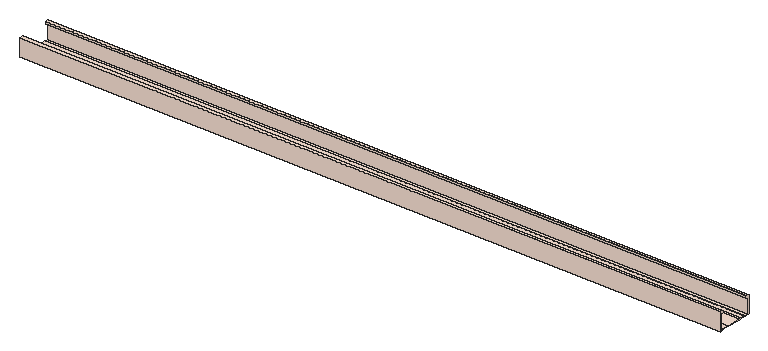
Revit family "nobuchi_cw25", category 機械設備, Revit 2022
Family settings
  丸型コネクタ寸法 = 直径を使用
  種別 = なし
  パーツ タイプ = 標準
  作業面ベース = いいえ
  常に垂直 = はい
  ロード時にボイドで切り取り = いいえ
  注釈の向きを維持 = いいえ
  共有 = いいえ
  部屋計算ポイント = いいえ
Parameters
  製造元 = "株式会社桐井製作所"
  既定の高さ = 0 mm
  URL = "https://www.kirii.co.jp/"
  K_長さ(mm) [instance] = 1000 mm
  K_材質 = "SGCC　一般用"
  K_断面積A(mm2) = 55
  K_断面係数Zy(mm3) = 921.6
  K_断面係数Zx(mm3) = 276.5
  K_断面2次半径iy(mm) = 20.5
  K_断面2次半径ix(mm) = 9.1
  K_断面2次モーメントIy(mm4) = 23040
  K_断面2次モーメントIx(mm4) = 4578
  K_外形寸法(mm) = "25×50×0.5"
  K_品名 = "CW-25"
  K_名称 = "野縁"
  K_単位質量(kg/m) = 0.452
  K_ヤング係数E(N/mm2) = 205000
  K_バージョン情報 = "20210524"
  K_めっき付着量 = "Z12"
  K_JIS規格 = "JIS G 3302"
  K_JIS外 [instance] = not(K_JIS)  # no
  K_JIS [instance] = yes
Reference planes
  plane 1 "中心(正面/背面)": y = 0
  plane 2: z = 0
  plane 3 "中心(左/右)": x = 0
  plane 4: x = 1000
  plane 5: z = 25
  plane 6: y = 25
  plane 7: y = -25
Forms (mm)
  Extrusion 1, solid
    sketch origin (0, 0, 0) x (0, -1, 0) y (0, 0, 1)
      loop
        line (-25, 0) -> (-20.2, 0) -> (-19.052, 0.5) -> (-11.148, 0.5) -> (-10, 0) -> (10, 0) -> (11.148, 0.5) -> (19.052, 0.5) -> (20.2, 0) -> (25, 0) -> (25, 25) -> (21, 25) -> (21, 22.3) -> (21.5, 21.586) -> (21.5, 24.5) -> (24.5, 24.5) -> (24.5, 0.5) -> (20.304, 0.5) -> (19.156, 1) -> (11.044, 1) -> (9.896, 0.5) -> (-9.896, 0.5) -> (-11.044, 1) -> (-19.156, 1) -> (-20.304, 0.5) -> (-24.5, 0.5) -> (-24.5, 24.5) -> (-21.5, 24.5) -> (-21.5, 21.586) -> (-21, 22.3) -> (-21, 25) -> (-25, 25) -> (-25, 0)
    from 0 to -1000
  Extrusion 2, void
    sketch origin (0, 0, 0) x (0, 1, 0) y (0, 0, 1)
      loop
        line (-21.893, 22.336) -> (-21.893, 20.592) -> (22.033, 20.592) -> (22.033, 22.336) -> (-21.893, 22.336)
    from 0 to 1000
Cuts and joins
  Extrusion 2 cuts Extrusion 1
Dimensions and locks
  plane 5 to level = 25 mm
  "K_長さ(mm)": plane 3 "中心(左/右)" to plane 4
  aligned and locked: level to plane 2
  aligned and locked: plane 4 to Extrusion 1
  aligned and locked: Extrusion 1 to Extrusion 2
  aligned and locked: Extrusion 2 to plane 3 "中心(左/右)"
Automatic sketch dimensions
  Extrusion 1 sketch curve to level = 0 mm  (x3)
  Extrusion 1 sketch curve to plane 6 = 0 mm
  Extrusion 1 sketch curve to plane 5 = 0 mm  (x2)
  Extrusion 1 sketch curve to plane 7 = 0 mm
  Extrusion 1 sketch curve to plane 6 = 0.5 mm
  Extrusion 1 sketch curve to plane 5 = 0.5 mm  (x2)
  Extrusion 1 sketch curve to Extrusion 1 sketch curve = 3 mm
  Extrusion 1 sketch curve to Extrusion 1 sketch curve = 0.5 mm  (x2)
  level to Extrusion 1 sketch curve = 0.5 mm  (x5)
  Extrusion 1 sketch curve to Extrusion 1 sketch curve = 4.196 mm
  Extrusion 1 sketch curve to Extrusion 1 sketch curve = 0.104 mm  (x8)
  level to Extrusion 1 sketch curve = 1 mm  (x2)
  Extrusion 1 sketch curve to Extrusion 1 sketch curve = 1.148 mm  (x4)
  Extrusion 1 sketch curve to Extrusion 1 sketch curve = 7.903 mm
  plane 1 "中心(正面/背面)" to Extrusion 1 sketch curve = 9.896 mm
  plane 7 to Extrusion 1 sketch curve = 5.948 mm
  plane 7 to Extrusion 1 sketch curve = 4 mm
  plane 7 to Extrusion 1 sketch curve = 0.5 mm
  Extrusion 1 sketch curve to plane 5 = 3.414 mm
  Extrusion 1 sketch curve to Extrusion 1 sketch curve = 0.714 mm  (x2)
  Extrusion 1 sketch curve to Extrusion 1 sketch curve = 2.2 mm
  plane 7 to Extrusion 2 sketch curve = 3.107 mm
  Extrusion 2 sketch curve to plane 6 = 2.967 mm
  Extrusion 2 sketch curve to plane 5 = 4.408 mm
  Extrusion 2 sketch curve to Extrusion 2 sketch curve = 1.744 mm
